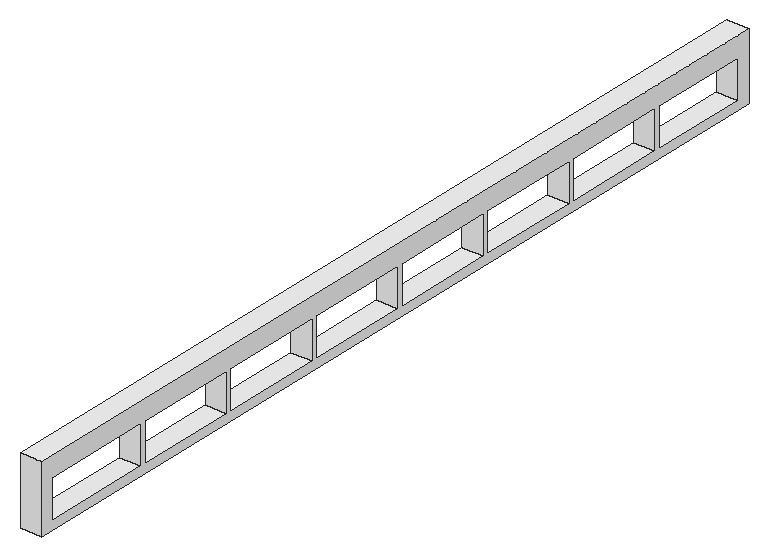
Revit family "Viga_Con_Treliça", category Structural Framing, Revit 2020
Family settings
  Structural Framing Length Roundoff = 0.000 m
  Section Shape = Not Defined
  Material for Model Behavior = Other
  Always export as geometry = No
  Work Plane-Based = No
  Always vertical = Yes
  Cut with Voids When Loaded = No
  Symbolic Representation = From Family
  Shared = No
  Show family pre-cut in plan views = Yes
Parameters (values of type "VIG_BLC_CON_TRE")
  h = 0.580 m
  b = 0.200 m
  Material_Vigas = CT_Concreto
  Default Elevation = 0.000 m
Reference planes (m)
  plane 1 "Centro (Frente/Trás)": y = 0
  plane 2: z = 0
  plane 3 "Centro (Esquerda/Direita)": x = 0
  plane 4: y = 2.5
  plane 5: y = 2.5
  plane 6: y = 5
  plane 7: y = 7.5
  plane 8: y = -2.5
  plane 9: y = -5
  plane 10: y = -7.5
Forms (m)
  Extrusion 1, solid, material "CT_Concreto" <- "Material_Vigas"
    sketch origin (0, -0.15, 0) x (0, -1, 0) y (0, 0, -1)
      loop
        line (10.3005, -1.57) -> (10.3005, 0) -> (-10.3245, 0) -> (-10.3245, -1.57) -> (10.3005, -1.57)
      loop
        line (-0.2, -1.1) -> (-0.2, -0.2) -> (-2.6, -0.2) -> (-2.6, -1.1) -> (-0.2, -1.1)
      loop
        line (-5.1, -1.1) -> (-2.7, -1.1) -> (-2.7, -0.2) -> (-5.1, -0.2) -> (-5.1, -1.1)
      loop
        line (-5.2, -1.1) -> (-5.2, -0.2) -> (-7.6, -0.2) -> (-7.6, -1.1) -> (-5.2, -1.1)
      loop
        line (-7.7, -1.1) -> (-7.7, -0.2) -> (-10.0245, -0.2) -> (-10.0245, -1.1) -> (-7.7, -1.1)
      loop
        line (-0.1, -1.1) -> (2.3, -1.1) -> (2.3, -0.2) -> (-0.1, -0.2) -> (-0.1, -1.1)
      loop
        line (4.8, -1.1) -> (4.8, -0.2) -> (2.4, -0.2) -> (2.4, -1.1) -> (4.8, -1.1)
      loop
        line (4.9, -1.1) -> (7.3, -1.1) -> (7.3, -0.2) -> (4.9, -0.2) -> (4.9, -1.1)
      loop
        line (7.4, -1.1) -> (10.0005, -1.1) -> (10.0005, -0.2) -> (7.4, -0.2) -> (7.4, -1.1)
    from 0 to 0.5
Dimensions and locks (m)
  Extrusion 1 to Extrusion 1 = 20.625 m
  plane 7 to plane 6 to plane 5 to plane 1 "Centro (Frente/Trás)" = 2.500 m, 2.500 m, 2.500 m
  plane 7 to plane 1 "Centro (Frente/Trás)" = 7.500 m
  aligned and locked: level to plane 2
  aligned and locked: Extrusion 1 to level
